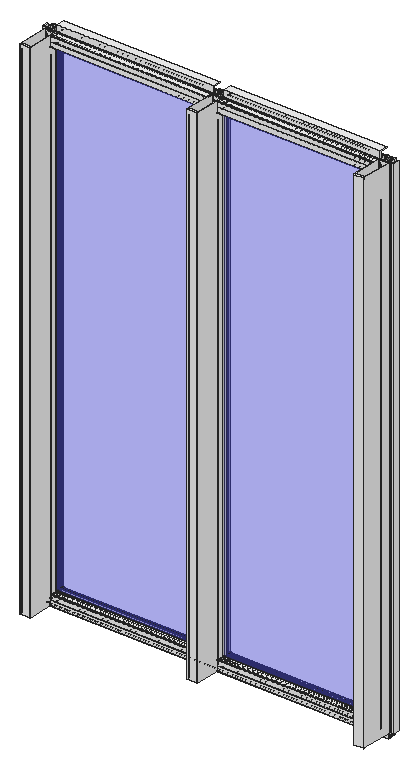
Revit family "Facade_60_Curtain_Wall_E21_Custom", category Windows, host Wall, Revit 2014 (continued)
Definition of nested family "F60 Vertical Profile Middle_E21_Cust"
  Forms (mm)
    Extrusion 3, solid, material <- "Thermal Break Material", visible <- "Single Glazing"
      sketch origin (0, 0, 0) x (1, 0, 0) y (0, 1, 0)
        loop
          line (28.649, 2.261) -> (27.647, 0.19) -> (27.647, -9.511) -> (25.749, -9.511)
          arc (25.749, -9.511) -> (25.396, -9.657) -> (25.249, -10.011) r 0.5
          line (25.249, -10.011) -> (25.249, -13.511)
          arc (25.249, -13.511) -> (25.396, -13.864) -> (25.749, -14.011) r 0.5
        loop
          line (28.504, -10.005) -> (28.504, -10.861)
          arc (28.504, -10.861) -> (28.651, -11.214) -> (29.004, -11.361) r 0.5
          line (29.004, -11.361) -> (30.994, -11.361)
          arc (30.994, -11.361) -> (31.348, -11.214) -> (31.494, -10.861) r 0.5
          line (31.494, -10.861) -> (31.494, -10.005) -> (30.708, -9.219)
          arc (30.708, -9.219) -> (30.383, -9.001) -> (29.999, -8.924) r 1.007
          arc (29.999, -8.924) -> (29.616, -8.999) -> (29.292, -9.217) r 0.986
          line (29.292, -9.217) -> (28.504, -10.005)
        loop
          arc (30.896, 1.935) -> (29.887, 2.44) -> (29.005, 1.735) r 1.047
          line (29.005, 1.735) -> (28.347, 0.374) -> (28.347, -6.993)
          arc (28.347, -6.993) -> (28.583, -7.417) -> (29.068, -7.441) r 0.5
          arc (29.068, -7.441) -> (29.999, -7.223) -> (30.93, -7.441) r 2.099
          arc (30.93, -7.441) -> (31.416, -7.417) -> (31.652, -6.993) r 0.5
          line (31.652, -6.993) -> (31.652, 0.374) -> (30.896, 1.935)
      from 0 to 250 <- "Length"
    Extrusion 4, solid, material <- "Profile Material", visible <- "Single Glazing"
      sketch origin (0, 0, 0) x (1, 0, 0) y (0, 1, 0)
        loop
          line (52.693, -14.011) -> (32.327, -14.011) -> (31.519, -12.611) -> (28.481, -12.611) -> (27.673, -14.011) -> (7.307, -14.011) -> (7.307, -15.011) -> (8.457, -15.011) -> (8.457, -16.261) -> (2.957, -16.261) -> (2.957, -15.011) -> (4.107, -15.011) -> (4.107, -14.011) -> (1.707, -14.011)
          arc (1.707, -14.011) -> (1.199, -14.293) -> (1.168, -14.873) r 0.6
          line (1.168, -14.873) -> (2.093, -16.772) -> (1.015, -17.298) -> (1.484, -18.261) -> (11.488, -18.261)
          arc (11.488, -18.261) -> (11.913, -18.085) -> (12.088, -17.661) r 0.6
          line (12.088, -17.661) -> (12.088, -16.811) -> (47.912, -16.811) -> (47.912, -17.661)
          arc (47.912, -17.661) -> (48.088, -18.085) -> (48.512, -18.261) r 0.6
          line (48.512, -18.261) -> (58.518, -18.261) -> (58.987, -17.298) -> (57.908, -16.772) -> (58.834, -14.874)
          arc (58.834, -14.874) -> (58.802, -14.293) -> (58.293, -14.011) r 0.6
          line (58.293, -14.011) -> (55.893, -14.011) -> (55.893, -15.011) -> (57.043, -15.011) -> (57.043, -16.261) -> (51.543, -16.261) -> (51.543, -15.011) -> (52.693, -15.011) -> (52.693, -14.011)
      from 0 to 250 <- "Length"
    Extrusion 5, solid, material <- "Profile Material", visible <- "Single Glazing"
      sketch origin (0, 0, 0) x (1, 0, 0) y (0, 1, 0)
        loop
          line (2.801, -18.261) -> (1.484, -18.261) -> (1.015, -17.298) -> (2.093, -16.772) -> (0.779, -14.076)
          arc (0.779, -14.076) -> (0.239, -14.21) -> (0.001, -14.713) r 0.65
          line (0.001, -14.713) -> (0.001, -28.068)
          arc (0.001, -28.068) -> (1.172, -30.897) -> (4.001, -32.068) r 4
          line (4.001, -32.068) -> (30.001, -32.068) -> (56.001, -32.068)
          arc (56.001, -32.068) -> (58.829, -30.897) -> (60.001, -28.068) r 4
          line (60.001, -28.068) -> (60.001, -14.713)
          arc (60.001, -14.713) -> (59.763, -14.21) -> (59.223, -14.076) r 0.65
          line (59.223, -14.076) -> (57.908, -16.772) -> (58.987, -17.298) -> (58.518, -18.261) -> (57.201, -18.261)
          arc (57.201, -18.261) -> (56.83, -18.425) -> (56.703, -18.811) r 0.5
          arc (56.703, -18.811) -> (56.83, -19.196) -> (57.201, -19.361) r 0.5
          line (57.201, -19.361) -> (58.951, -19.361) -> (58.951, -27.968)
          arc (58.951, -27.968) -> (58.131, -29.948) -> (56.151, -30.768) r 2.8
          line (56.151, -30.768) -> (30.001, -30.768) -> (3.851, -30.768)
          arc (3.851, -30.768) -> (1.871, -29.948) -> (1.051, -27.968) r 2.8
          line (1.051, -27.968) -> (1.051, -19.361) -> (2.801, -19.361)
          arc (2.801, -19.361) -> (3.172, -19.196) -> (3.298, -18.811) r 0.5
          arc (3.298, -18.811) -> (3.172, -18.425) -> (2.801, -18.261) r 0.5
      from 0 to 250 <- "Length"
    Extrusion 6, solid, material <- "Profile Material", visible <- "100mm Mullion"
      sketch origin (0, 0, 0) x (1, 0, 0) y (0, 1, 0)
        loop
          line (14.02, 13) -> (45.98, 13)
          arc (45.98, 13) -> (46.539, 12.842) -> (46.917, 12.4) r 1
          arc (46.917, 12.4) -> (47.285, 11.963) -> (47.833, 11.8) r 1
          line (47.833, 11.8) -> (58.15, 11.8) -> (58.15, 96.3) -> (47.833, 96.3)
          arc (47.833, 96.3) -> (47.285, 96.137) -> (46.917, 95.7) r 1
          arc (46.917, 95.7) -> (46.548, 95.263) -> (46, 95.1) r 1
          line (46, 95.1) -> (14, 95.1)
          arc (14, 95.1) -> (13.452, 95.263) -> (13.083, 95.7) r 1
          arc (13.083, 95.7) -> (12.715, 96.137) -> (12.167, 96.3) r 1
          line (12.167, 96.3) -> (1.85, 96.3) -> (1.85, 11.8) -> (12.167, 11.8)
          arc (12.167, 11.8) -> (12.715, 11.963) -> (13.083, 12.4) r 1
          arc (13.083, 12.4) -> (13.461, 12.842) -> (14.02, 13) r 1
        loop
          line (1.65, 9.856) -> (58.35, 9.856) -> (58.35, 5.2) -> (60, 5.2) -> (60, 98.8)
          arc (60, 98.8) -> (59.707, 99.507) -> (59, 99.8) r 1
          line (59, 99.8) -> (1, 99.8)
          arc (1, 99.8) -> (0.293, 99.507) -> (0, 98.8) r 1
          line (0, 98.8) -> (0, 5.2) -> (1.65, 5.2) -> (1.65, 9.856)
      from 0 to 250 <- "Length"
    Extrusion 7, solid, material <- "Profile Material", visible <- "160mm Mullion"
      sketch origin (0, 0, 0) x (1, 0, 0) y (0, 1, 0)
        loop
          arc (2.35, 15.6) -> (2.526, 15.176) -> (2.95, 15) r 0.6
          line (2.95, 15) -> (57.05, 15)
          arc (57.05, 15) -> (57.474, 15.176) -> (57.65, 15.6) r 0.6
          line (57.65, 15.6) -> (57.65, 153.7)
          arc (57.65, 153.7) -> (57.474, 154.124) -> (57.05, 154.3) r 0.6
          line (57.05, 154.3) -> (47.833, 154.3)
          arc (47.833, 154.3) -> (47.285, 154.137) -> (46.917, 153.7) r 1
          arc (46.917, 153.7) -> (46.548, 153.263) -> (46, 153.1) r 1
          line (46, 153.1) -> (14, 153.1)
          arc (14, 153.1) -> (13.452, 153.263) -> (13.083, 153.7) r 1
          arc (13.083, 153.7) -> (12.715, 154.137) -> (12.167, 154.3) r 1
          line (12.167, 154.3) -> (2.95, 154.3)
          arc (2.95, 154.3) -> (2.526, 154.124) -> (2.35, 153.7) r 0.6
          line (2.35, 153.7) -> (2.35, 15.6)
        loop
          arc (1, 159.8) -> (0.293, 159.507) -> (0, 158.8) r 1
          line (0, 158.8) -> (0, 5.2) -> (1.65, 5.2) -> (1.65, 10.013) -> (58.35, 10.013) -> (58.35, 5.2) -> (60, 5.2) -> (60, 158.8)
          arc (60, 158.8) -> (59.707, 159.507) -> (59, 159.8) r 1
          line (59, 159.8) -> (1, 159.8)
      from 0 to 250 <- "Length"
    Extrusion 8, solid, material <- "Profile Material", visible <- "190mm Mullion"
      sketch origin (0, 0, 0) x (1, 0, 0) y (0, 1, 0)
        loop
          line (57.25, 15.1) -> (57.25, 178.3)
          arc (57.25, 178.3) -> (56.957, 179.007) -> (56.25, 179.3) r 1
          line (56.25, 179.3) -> (3.75, 179.3)
          arc (3.75, 179.3) -> (3.043, 179.007) -> (2.75, 178.3) r 1
          line (2.75, 178.3) -> (2.75, 15.1)
          arc (2.75, 15.1) -> (2.984, 14.534) -> (3.55, 14.3) r 0.8
          line (3.55, 14.3) -> (56.45, 14.3)
          arc (56.45, 14.3) -> (57.016, 14.534) -> (57.25, 15.1) r 0.8
        loop
          line (60, 5.2) -> (60, 188.8)
          arc (60, 188.8) -> (59.707, 189.507) -> (59, 189.8) r 1
          line (59, 189.8) -> (1, 189.8)
          arc (1, 189.8) -> (0.293, 189.507) -> (0, 188.8) r 1
          line (0, 188.8) -> (0, 5.2) -> (1.65, 5.2) -> (1.65, 9.856) -> (58.35, 9.856) -> (58.35, 5.2) -> (60, 5.2)
      from 0 to 250 <- "Length"
    Extrusion 9, solid, material <- "Thermal Break Material", visible <- "Double Glazing"
      sketch origin (0, 0, 0) x (1, 0, 0) y (0, 1, 0)
        loop
          line (27.672, -28) -> (28.48, -26.6) -> (31.518, -26.6) -> (32.326, -28) -> (34.249, -28)
          arc (34.249, -28) -> (34.603, -27.854) -> (34.749, -27.5) r 0.5
          line (34.749, -27.5) -> (34.749, -10)
          arc (34.749, -10) -> (34.603, -9.646) -> (34.249, -9.5) r 0.5
          line (34.249, -9.5) -> (32.352, -9.5) -> (32.352, 0.198) -> (31.348, 2.272)
          arc (31.348, 2.272) -> (29.998, 2.997) -> (28.648, 2.272) r 1.62
          line (28.648, 2.272) -> (27.645, 0.201) -> (27.645, -9.5) -> (25.749, -9.5)
          arc (25.749, -9.5) -> (25.396, -9.646) -> (25.249, -10) r 0.5
          line (25.249, -10) -> (25.249, -27.5)
          arc (25.249, -27.5) -> (25.396, -27.854) -> (25.749, -28) r 0.5
          line (25.749, -28) -> (27.672, -28)
        loop
          arc (30.706, -9.206) -> (30.382, -8.99) -> (29.999, -8.913) r 1.007
          arc (29.999, -8.913) -> (29.616, -8.988) -> (29.292, -9.206) r 0.986
          line (29.292, -9.206) -> (27.142, -11.356)
          arc (27.142, -11.356) -> (26.926, -11.68) -> (26.849, -12.063) r 1
          line (26.849, -12.063) -> (26.849, -24)
          arc (26.849, -24) -> (27.142, -24.707) -> (27.849, -25) r 1
          line (27.849, -25) -> (32.149, -25)
          arc (32.149, -25) -> (32.856, -24.707) -> (33.149, -24) r 1
          line (33.149, -24) -> (33.149, -12.063)
          arc (33.149, -12.063) -> (33.073, -11.68) -> (32.856, -11.356) r 1
          line (32.856, -11.356) -> (30.706, -9.206)
        loop
          arc (28.345, -6.982) -> (28.581, -7.407) -> (29.067, -7.43) r 0.5
          arc (29.067, -7.43) -> (29.998, -7.213) -> (30.929, -7.43) r 2.099
          arc (30.929, -7.43) -> (31.414, -7.407) -> (31.651, -6.982) r 0.5
          line (31.651, -6.982) -> (31.651, 0.385) -> (30.895, 1.946)
          arc (30.895, 1.946) -> (29.885, 2.45) -> (29.004, 1.745) r 1.047
          line (29.004, 1.745) -> (28.345, 0.385) -> (28.345, -6.982)
      from 0 to 250 <- "Length"
    Extrusion 10, solid, material <- "Profile Material", visible <- "Double Glazing"
      sketch origin (0, 0, 0) x (1, 0, 0) y (0, 1, 0)
        loop
          line (52.692, -28) -> (32.327, -28) -> (31.518, -26.6) -> (28.48, -26.6) -> (27.672, -28) -> (7.306, -28) -> (7.306, -29) -> (8.456, -29) -> (8.456, -30.25) -> (2.956, -30.25) -> (2.956, -29) -> (4.106, -29) -> (4.106, -28) -> (1.706, -28)
          arc (1.706, -28) -> (1.198, -28.282) -> (1.167, -28.863) r 0.6
          line (1.167, -28.863) -> (2.093, -30.762) -> (1.014, -31.288) -> (1.483, -32.25) -> (11.488, -32.25)
          arc (11.488, -32.25) -> (11.912, -32.074) -> (12.088, -31.65) r 0.6
          line (12.088, -31.65) -> (12.088, -30.8) -> (47.911, -30.8) -> (47.911, -31.65)
          arc (47.911, -31.65) -> (48.087, -32.074) -> (48.511, -32.25) r 0.6
          line (48.511, -32.25) -> (58.517, -32.25) -> (58.986, -31.288) -> (57.907, -30.762) -> (58.833, -28.864)
          arc (58.833, -28.864) -> (58.801, -28.282) -> (58.292, -28) r 0.6
          line (58.292, -28) -> (55.892, -28) -> (55.892, -29) -> (57.042, -29) -> (57.042, -30.25) -> (51.542, -30.25) -> (51.542, -29) -> (52.692, -29) -> (52.692, -28)
      from 0 to 250 <- "Length"
    Extrusion 11, solid, material <- "Profile Material", visible <- "Double Glazing"
      sketch origin (0, 0, 0) x (1, 0, 0) y (0, 1, 0)
        loop
          line (2.8, -32.25) -> (1.483, -32.25) -> (1.014, -31.288) -> (2.093, -30.762) -> (0.778, -28.065)
          arc (0.778, -28.065) -> (0.238, -28.2) -> (0, -28.702) r 0.65
          line (0, -28.702) -> (0, -42.058)
          arc (0, -42.058) -> (1.172, -44.886) -> (4, -46.058) r 4
          line (4, -46.058) -> (30, -46.058) -> (56, -46.058)
          arc (56, -46.058) -> (58.828, -44.886) -> (60, -42.058) r 4
          line (60, -42.058) -> (60, -28.702)
          arc (60, -28.702) -> (59.762, -28.2) -> (59.222, -28.065) r 0.65
          line (59.222, -28.065) -> (57.907, -30.762) -> (58.986, -31.288) -> (58.517, -32.25) -> (57.2, -32.25)
          arc (57.2, -32.25) -> (56.829, -32.415) -> (56.703, -32.8) r 0.5
          arc (56.703, -32.8) -> (56.829, -33.185) -> (57.2, -33.35) r 0.5
          line (57.2, -33.35) -> (58.95, -33.35) -> (58.95, -41.958)
          arc (58.95, -41.958) -> (58.13, -43.938) -> (56.15, -44.758) r 2.8
          line (56.15, -44.758) -> (30, -44.758) -> (3.85, -44.758)
          arc (3.85, -44.758) -> (1.87, -43.938) -> (1.05, -41.958) r 2.8
          line (1.05, -41.958) -> (1.05, -33.35) -> (2.8, -33.35)
          arc (2.8, -33.35) -> (3.171, -33.185) -> (3.297, -32.8) r 0.5
          arc (3.297, -32.8) -> (3.171, -32.415) -> (2.8, -32.25) r 0.5
      from 0 to 250 <- "Length"
    Extrusion 12, solid, material <- "Profile Material", visible <- "Double Glazing"
      sketch origin (0, 0, 0) x (1, 0, 0) y (0, 1, 0)
        loop
          line (12, -7.775) -> (0, -7.775) -> (0, -25.775) -> (12, -25.775) -> (12, -7.775)
        loop
          line (10.8, -8.975) -> (1.2, -8.975) -> (1.2, -24.575) -> (10.8, -24.575) -> (10.8, -8.975)
      from 0 to 250 <- "Length"
  Lines and regions (mm)
    model lines, style "GenericModelHiddenLines", visible <- "Half 100mm Expansion Break"
      curve 1: line (60, 5.2, 125) -> (60, 95.2, 125)
      curve 2: line (60, 99.8, 125) -> (0, 99.8, 125)
      curve 8: line (0, 5.2, 125) -> (0, 95.2, 125)
    model lines, style "GenericModelHiddenLines", visible <- "Quarter 100mm Expansion Break"
      curve 3: line (60, 5.2, 187.5) -> (60, 95.2, 187.5)
      curve 4: line (60, 5.2, 62.5) -> (60, 95.2, 62.5)
      curve 5: line (60, 99.8, 62.5) -> (0, 99.8, 62.5)
      curve 6: line (60, 99.8, 187.5) -> (0, 99.8, 187.5)
      curve 7: line (0, 5.2, 187.5) -> (0, 95.2, 187.5)
      curve 9: line (0, 5.2, 62.5) -> (0, 95.2, 62.5)
    model lines, style "GenericModelHiddenLines", visible <- "Half SG Expansion Break"
      curve 10: line (4.107, -32.068, 125) -> (55.893, -32.068, 125)
      curve 14: line (60.001, -14.011, 125) -> (60.001, -32.068, 125)
    model lines, style "GenericModelHiddenLines", visible <- "Quarter SG Expansion Break"
      curve 11: line (4.107, -32.068, 187.5) -> (56.703, -32.068, 187.5)
      curve 12: line (4.107, -32.068, 62.5) -> (56.703, -32.068, 62.5)
      curve 13: line (60.001, -14.011, 187.5) -> (60.001, -32.068, 187.5)
      curve 15: line (60.001, -14.011, 62.5) -> (60.001, -32.068, 62.5)
    model lines, style "GenericModelHiddenLines", visible <- "Quarter 160mm Expansion Break"
      curve 16: line (0, 5.2, 187.5) -> (0, 155.2, 187.5)
      curve 18: line (0, 5.2, 62.5) -> (0, 155.2, 62.5)
      curve 19: line (0, 159.8, 187.5) -> (60, 159.8, 187.5)
      curve 21: line (0, 159.8, 62.5) -> (60, 159.8, 62.5)
      curve 22: line (60, 5.2, 187.5) -> (60, 155.2, 187.5)
      curve 24: line (60, 5.2, 62.5) -> (60, 155.2, 62.5)
    model lines, style "GenericModelHiddenLines", visible <- "Half 160mm Expansion Break"
      curve 17: line (0, 5.2, 125) -> (0, 155.2, 125)
      curve 20: line (0, 159.8, 125) -> (60, 159.8, 125)
      curve 23: line (60, 5.2, 125) -> (60, 155.2, 125)
    model lines, style "GenericModelHiddenLines", visible <- "Quarter 190mm Expansion Break"
      curve 25: line (0, 5.2, 187.5) -> (0, 185.2, 187.5)
      curve 27: line (0, 5.2, 62.5) -> (0, 185.2, 62.5)
      curve 28: line (0.779, 189.8, 187.5) -> (59.222, 189.8, 187.5)
      curve 30: line (0.779, 189.8, 62.5) -> (59.222, 189.8, 62.5)
      curve 31: line (60, 5.2, 187.5) -> (60, 185.2, 187.5)
      curve 33: line (60, 5.2, 62.5) -> (60, 185.2, 62.5)
    model lines, style "GenericModelHiddenLines", visible <- "Half 190mm Expansion Joint"
      curve 26: line (0, 5.2, 125) -> (0, 185.2, 125)
      curve 29: line (0.779, 189.8, 125) -> (59.222, 189.8, 125)
      curve 32: line (60, 5.2, 125) -> (60, 185.2, 125)
    model lines, style "GenericModelHiddenLines", visible <- "Quarter DG Expansion Break"
      curve 34: line (60, -28.065, 187.5) -> (60, -46.074, 187.5)
      curve 36: line (60, -28.065, 62.5) -> (60, -46.027, 62.5)
      curve 37: line (59.222, -46.058, 187.5) -> (0.779, -46.058, 187.5)
      curve 39: line (59.222, -46.058, 62.5) -> (0.779, -46.058, 62.5)
    model lines, style "GenericModelHiddenLines", visible <- "Half DG Expansion Break"
      curve 35: line (60, -28.065, 125) -> (60, -46.074, 125)
      curve 38: line (59.222, -46.058, 125) -> (0.779, -46.058, 125)
  Dimensions and locks
    "Half Length": curve 1 to level
    "Half Length": level to curve 2
    "Quarter Length": curve 4 to level
    "Quarter Length": Extrusion 8 to curve 3
    "Quarter Length": level to curve 5
    "Quarter Length": curve 6 to Extrusion 6
    "Quarter Length": curve 9 to level
    "Half Length": curve 8 to level
    "Quarter Length": Extrusion 8 to curve 7
    "Quarter Length": curve 12 to level
    "Half Length": curve 10 to level
    "Quarter Length": Extrusion 5 to curve 11
    "Quarter Length": curve 15 to level
    "Half Length": curve 14 to level
    "Quarter Length": Extrusion 5 to curve 13
    "Quarter Length": Extrusion 7 to curve 18
    "Half Length": Extrusion 7 to curve 17
    "Quarter Length": Extrusion 7 to curve 16
    "Quarter Length": Extrusion 7 to curve 21
    "Quarter Length": curve 19 to Extrusion 7
    "Half Length": Extrusion 7 to curve 20
    "Quarter Length": Extrusion 7 to curve 24
    "Quarter Length": Extrusion 7 to curve 22
    "Half Length": Extrusion 7 to curve 23
    "Quarter Length": Extrusion 8 to curve 27
    "Quarter Length": Extrusion 8 to curve 25
    "Half Length": Extrusion 8 to curve 26
    "Quarter Length": Extrusion 8 to curve 30
    "Quarter Length": curve 28 to Extrusion 8
    "Half Length": Extrusion 8 to curve 29
    "Quarter Length": Extrusion 8 to curve 33
    "Quarter Length": Extrusion 8 to curve 31
    "Half Length": Extrusion 8 to curve 32
    "Quarter Length": Extrusion 11 to curve 36
    "Quarter Length": Extrusion 11 to curve 34
    "Half Length": Extrusion 11 to curve 35
    "Quarter Length": Extrusion 11 to curve 37
    "Quarter Length": curve 39 to Extrusion 11
    "Half Length": curve 38 to Extrusion 11
    aligned and locked: level to plane 2
  Automatic sketch dimensions
    Extrusion 1 sketch curve to plane 3 "Center (Left/Right)" = 0 mm
    plane 1 "Center (Front/Back)" to Extrusion 1 sketch curve = 0 mm  (x4)
    plane 3 "Center (Left/Right)" to Extrusion 1 sketch curve = 0.5 mm
    Extrusion 1 sketch curve to Extrusion 1 sketch curve = 0.7 mm  (x2)
    Extrusion 1 sketch curve to Extrusion 1 sketch curve = 1.15 mm  (x4)
    Extrusion 1 sketch curve to Extrusion 1 sketch curve = 3.2 mm  (x2)
    Extrusion 1 sketch curve to Extrusion 1 sketch curve = 0.9 mm
    Extrusion 1 sketch curve to Extrusion 1 sketch curve = 0.25 mm
    Extrusion 1 sketch curve to Extrusion 1 sketch curve = 0.8 mm  (x7)
    Extrusion 1 sketch curve to Extrusion 1 sketch curve = 1.45 mm  (x2)
    Extrusion 1 sketch curve to Extrusion 1 sketch curve = 0.65 mm  (x3)
    Extrusion 1 sketch curve to Extrusion 1 sketch curve = 0.95 mm  (x3)
    Extrusion 1 sketch curve to Extrusion 1 sketch curve = 0.6 mm  (x3)
    Extrusion 1 sketch curve to plane 1 "Center (Front/Back)" = 7 mm
    Extrusion 1 sketch curve to Extrusion 1 sketch curve = 14.999 mm  (x2)
    plane 1 "Center (Front/Back)" to Extrusion 1 sketch curve = 8.7 mm
    Extrusion 1 sketch curve to Extrusion 1 sketch curve = 1.85 mm
    Extrusion 1 sketch curve to Extrusion 1 sketch curve = 2.9 mm
    Extrusion 1 sketch curve to Extrusion 1 sketch curve = 5.802 mm
    Extrusion 1 sketch curve to Extrusion 1 sketch curve = 1.049 mm
    Extrusion 1 sketch curve to plane 1 "Center (Front/Back)" = 4.55 mm
    Extrusion 1 sketch curve to plane 1 "Center (Front/Back)" = 0.5 mm  (x3)
    Extrusion 1 sketch curve to Extrusion 1 sketch curve = 1.2 mm
    Extrusion 1 sketch curve to plane 1 "Center (Front/Back)" = 1.15 mm  (x2)
    Extrusion 1 sketch curve to Extrusion 1 sketch curve = 0 mm
    Extrusion 1 sketch curve to Extrusion 1 sketch curve = 1.3 mm  (x2)
    Extrusion 1 sketch curve to Extrusion 1 sketch curve = 0.05 mm  (x2)
    Extrusion 1 sketch curve to Extrusion 1 sketch curve = 0.85 mm  (x2)
    Extrusion 1 sketch curve to plane 1 "Center (Front/Back)" = 6.2 mm
    Extrusion 2 sketch curve to plane 3 "Center (Left/Right)" = 0 mm
    plane 3 "Center (Left/Right)" to Extrusion 2 sketch curve = 1.75 mm
    Extrusion 2 sketch curve to Extrusion 2 sketch curve = 4.6 mm  (x4)
    Extrusion 2 sketch curve to Extrusion 2 sketch curve = 0.6 mm  (x2)
    Extrusion 2 sketch curve to plane 1 "Center (Front/Back)" = 9.8 mm
    Extrusion 2 sketch curve to Extrusion 2 sketch curve = 23.05 mm  (x2)
    Extrusion 2 sketch curve to Extrusion 2 sketch curve = 0 mm
    Extrusion 2 sketch curve to plane 1 "Center (Front/Back)" = 8.456 mm
    Extrusion 2 sketch curve to Extrusion 2 sketch curve = 1.75 mm
    Extrusion 2 sketch curve to plane 1 "Center (Front/Back)" = 3.9 mm  (x2)
    plane 3 "Center (Left/Right)" to Extrusion 3 sketch curve = 25.249 mm
    Extrusion 3 sketch curve to Extrusion 3 sketch curve = 0.5 mm  (x6)
    Extrusion 3 sketch curve to plane 1 "Center (Front/Back)" = 0.19 mm  (x2)
    Extrusion 3 sketch curve to Extrusion 3 sketch curve = 1.897 mm  (x2)
    Extrusion 3 sketch curve to Extrusion 3 sketch curve = 1.922 mm  (x2)
    Extrusion 3 sketch curve to plane 1 "Center (Front/Back)" = 0.374 mm  (x2)
    Extrusion 3 sketch curve to Extrusion 3 sketch curve = 0.7 mm  (x2)
    plane 1 "Center (Front/Back)" to Extrusion 3 sketch curve = 12.611 mm
    Extrusion 3 sketch curve to Extrusion 3 sketch curve = 0.809 mm
    Extrusion 3 sketch curve to Extrusion 3 sketch curve = 0.858 mm
    Extrusion 3 sketch curve to plane 1 "Center (Front/Back)" = 2.261 mm  (x2)
    Extrusion 3 sketch curve to Extrusion 3 sketch curve = 0.303 mm
    Extrusion 3 sketch curve to plane 1 "Center (Front/Back)" = 1.735 mm
    Extrusion 3 sketch curve to Extrusion 3 sketch curve = 0.356 mm
    plane 1 "Center (Front/Back)" to Extrusion 3 sketch curve = 9.217 mm
    Extrusion 3 sketch curve to Extrusion 3 sketch curve = 0.788 mm
    Extrusion 3 sketch curve to Extrusion 3 sketch curve = 0.701 mm
    Extrusion 3 sketch curve to Extrusion 3 sketch curve = 0.003 mm
    Extrusion 3 sketch curve to Extrusion 3 sketch curve = 0.992 mm
    Extrusion 3 sketch curve to Extrusion 3 sketch curve = 0.006 mm
    Extrusion 3 sketch curve to Extrusion 3 sketch curve = 0.002 mm
    plane 1 "Center (Front/Back)" to Extrusion 3 sketch curve = 9.219 mm
    Extrusion 3 sketch curve to Extrusion 3 sketch curve = 0.709 mm
    Extrusion 3 sketch curve to plane 1 "Center (Front/Back)" = 1.935 mm
    Extrusion 3 sketch curve to Extrusion 3 sketch curve = 0.899 mm
    Extrusion 3 sketch curve to Extrusion 3 sketch curve = 0.998 mm
    Extrusion 3 sketch curve to Extrusion 3 sketch curve = 0.444 mm
    Extrusion 3 sketch curve to Extrusion 3 sketch curve = 0.524 mm
    Extrusion 3 sketch curve to Extrusion 3 sketch curve = 0.756 mm
    Extrusion 3 sketch curve to Extrusion 3 sketch curve = 0.808 mm
    Extrusion 3 sketch curve to Extrusion 3 sketch curve = 0.9 mm  (x2)
    Extrusion 3 sketch curve to Extrusion 3 sketch curve = 1.25 mm
    Extrusion 3 sketch curve to Extrusion 3 sketch curve = 0.85 mm  (x2)
    Extrusion 3 sketch curve to Extrusion 3 sketch curve = 0.856 mm  (x2)
    Extrusion 3 sketch curve to Extrusion 3 sketch curve = 0.714 mm
    Extrusion 3 sketch curve to Extrusion 3 sketch curve = 0.02 mm
    Extrusion 3 sketch curve to Extrusion 3 sketch curve = 0.399 mm
    Extrusion 3 sketch curve to Extrusion 3 sketch curve = 2.224 mm
    Extrusion 3 sketch curve to Extrusion 3 sketch curve = 0.448 mm
    Extrusion 3 sketch curve to Extrusion 3 sketch curve = 0.032 mm
    Extrusion 3 sketch curve to Extrusion 3 sketch curve = 0 mm
    plane 3 "Center (Left/Right)" to Extrusion 4 sketch curve = 1.015 mm
    Extrusion 4 sketch curve to Extrusion 4 sketch curve = 0.469 mm
    plane 3 "Center (Left/Right)" to Extrusion 4 sketch curve = 1.707 mm
    Extrusion 4 sketch curve to Extrusion 4 sketch curve = 1.079 mm
    Extrusion 4 sketch curve to Extrusion 4 sketch curve = 0.864 mm
    Extrusion 4 sketch curve to Extrusion 4 sketch curve = 1.15 mm  (x4)
    Extrusion 4 sketch curve to Extrusion 4 sketch curve = 3.2 mm  (x2)
    Extrusion 4 sketch curve to Extrusion 4 sketch curve = 3.031 mm  (x2)
    Extrusion 4 sketch curve to Extrusion 4 sketch curve = 0.6 mm  (x3)
    Extrusion 4 sketch curve to Extrusion 4 sketch curve = 15.584 mm  (x2)
    plane 1 "Center (Front/Back)" to Extrusion 4 sketch curve = 12.611 mm
    Extrusion 4 sketch curve to Extrusion 4 sketch curve = 0.808 mm  (x2)
    Extrusion 4 sketch curve to Extrusion 4 sketch curve = 3.038 mm
    plane 1 "Center (Front/Back)" to Extrusion 4 sketch curve = 14.011 mm
    plane 1 "Center (Front/Back)" to Extrusion 4 sketch curve = 16.772 mm
    Extrusion 4 sketch curve to Extrusion 4 sketch curve = 0.865 mm
    Extrusion 4 sketch curve to Extrusion 4 sketch curve = 1.25 mm  (x4)
    plane 1 "Center (Front/Back)" to Extrusion 4 sketch curve = 18.261 mm
    Extrusion 4 sketch curve to Extrusion 4 sketch curve = 0.61 mm
    plane 1 "Center (Front/Back)" to Extrusion 4 sketch curve = 17.298 mm
    Extrusion 4 sketch curve to Extrusion 4 sketch curve = 5.65 mm
    Extrusion 4 sketch curve to Extrusion 4 sketch curve = 0.962 mm
    Extrusion 4 sketch curve to Extrusion 4 sketch curve = 0.85 mm
    Extrusion 4 sketch curve to Extrusion 4 sketch curve = 0.512 mm  (x2)
    Extrusion 4 sketch curve to Extrusion 4 sketch curve = 1 mm  (x2)
    Extrusion 4 sketch curve to Extrusion 4 sketch curve = 0.4 mm  (x2)
    Extrusion 4 sketch curve to Extrusion 4 sketch curve = 1.4 mm
    Extrusion 4 sketch curve to Extrusion 4 sketch curve = 0.539 mm  (x2)
    Extrusion 4 sketch curve to Extrusion 4 sketch curve = 0 mm
    plane 1 "Center (Front/Back)" to Extrusion 4 sketch curve = 14.874 mm
    plane 3 "Center (Left/Right)" to Extrusion 5 sketch curve = 0.001 mm
    Extrusion 5 sketch curve to Extrusion 5 sketch curve = 0.65 mm  (x2)
    Extrusion 5 sketch curve to Extrusion 5 sketch curve = 0.128 mm  (x2)
    plane 3 "Center (Left/Right)" to Extrusion 5 sketch curve = 1.015 mm
    plane 3 "Center (Left/Right)" to Extrusion 5 sketch curve = 1.051 mm
    Extrusion 5 sketch curve to Extrusion 5 sketch curve = 0.469 mm  (x2)
    Extrusion 5 sketch curve to Extrusion 5 sketch curve = 1.079 mm
    Extrusion 5 sketch curve to Extrusion 5 sketch curve = 1.317 mm  (x2)
    Extrusion 5 sketch curve to Extrusion 5 sketch curve = 0 mm  (x3)
    plane 3 "Center (Left/Right)" to Extrusion 5 sketch curve = 3.851 mm
    Extrusion 5 sketch curve to Extrusion 5 sketch curve = 0.15 mm  (x2)
    Extrusion 5 sketch curve to Extrusion 5 sketch curve = 26 mm  (x2)
    Extrusion 5 sketch curve to Extrusion 5 sketch curve = 1.05 mm
    plane 1 "Center (Front/Back)" to Extrusion 5 sketch curve = 16.772 mm
    Extrusion 5 sketch curve to Extrusion 5 sketch curve = 0.707 mm
    Extrusion 5 sketch curve to Extrusion 5 sketch curve = 0.433 mm
    plane 1 "Center (Front/Back)" to Extrusion 5 sketch curve = 17.298 mm
    plane 1 "Center (Front/Back)" to Extrusion 5 sketch curve = 14.076 mm
    Extrusion 5 sketch curve to Extrusion 5 sketch curve = 0.5 mm  (x2)
    plane 1 "Center (Front/Back)" to Extrusion 5 sketch curve = 18.761 mm
    Extrusion 5 sketch curve to Extrusion 5 sketch curve = 0.1 mm  (x3)
    Extrusion 5 sketch curve to Extrusion 5 sketch curve = 1.1 mm  (x2)
    Extrusion 5 sketch curve to Extrusion 5 sketch curve = 8.608 mm
    Extrusion 5 sketch curve to Extrusion 5 sketch curve = 0.962 mm
    Extrusion 6 sketch curve to plane 3 "Center (Left/Right)" = 0 mm
    plane 3 "Center (Left/Right)" to Extrusion 6 sketch curve = 1 mm
    plane 3 "Center (Left/Right)" to Extrusion 6 sketch curve = 1.65 mm
    plane 3 "Center (Left/Right)" to Extrusion 6 sketch curve = 1.85 mm
    Extrusion 6 sketch curve to Extrusion 6 sketch curve = 10.317 mm  (x3)
    Extrusion 6 sketch curve to Extrusion 6 sketch curve = 1.833 mm  (x4)
    Extrusion 6 sketch curve to Extrusion 6 sketch curve = 0.02 mm  (x2)
    Extrusion 6 sketch curve to plane 1 "Center (Front/Back)" = 13 mm
    Extrusion 6 sketch curve to Extrusion 6 sketch curve = 31.961 mm
    Extrusion 6 sketch curve to Extrusion 6 sketch curve = 32 mm
    Extrusion 6 sketch curve to Extrusion 6 sketch curve = 0.2 mm  (x5)
    Extrusion 6 sketch curve to Extrusion 6 sketch curve = 0.85 mm
    Extrusion 6 sketch curve to Extrusion 6 sketch curve = 1.65 mm
    Extrusion 6 sketch curve to Extrusion 6 sketch curve = 1 mm  (x8)
    Extrusion 6 sketch curve to Extrusion 6 sketch curve = 1.944 mm
    Extrusion 6 sketch curve to Extrusion 6 sketch curve = 4.656 mm  (x2)
    Extrusion 6 sketch curve to Extrusion 6 sketch curve = 82.1 mm
    Extrusion 6 sketch curve to Extrusion 6 sketch curve = 2.5 mm
    Extrusion 7 sketch curve to plane 3 "Center (Left/Right)" = 0 mm
    Extrusion 7 sketch curve to Extrusion 7 sketch curve = 1 mm  (x3)
    plane 3 "Center (Left/Right)" to Extrusion 7 sketch curve = 1.65 mm
    plane 3 "Center (Left/Right)" to Extrusion 7 sketch curve = 2.35 mm
    Extrusion 7 sketch curve to Extrusion 7 sketch curve = 0.6 mm  (x3)
    Extrusion 7 sketch curve to Extrusion 7 sketch curve = 9.217 mm  (x2)
    Extrusion 7 sketch curve to Extrusion 7 sketch curve = 1.833 mm  (x2)
    Extrusion 7 sketch curve to Extrusion 7 sketch curve = 32 mm
    Extrusion 7 sketch curve to plane 1 "Center (Front/Back)" = 15 mm
    Extrusion 7 sketch curve to Extrusion 7 sketch curve = 54.1 mm
    Extrusion 7 sketch curve to Extrusion 7 sketch curve = 1.3 mm
    Extrusion 7 sketch curve to Extrusion 7 sketch curve = 1.95 mm
    Extrusion 7 sketch curve to Extrusion 7 sketch curve = 1.65 mm
    Extrusion 7 sketch curve to Extrusion 7 sketch curve = 4.987 mm
    Extrusion 7 sketch curve to Extrusion 7 sketch curve = 4.813 mm
    Extrusion 7 sketch curve to Extrusion 7 sketch curve = 4.812 mm
    Extrusion 7 sketch curve to Extrusion 7 sketch curve = 137.5 mm
    Extrusion 7 sketch curve to Extrusion 7 sketch curve = 0.2 mm  (x2)
    Extrusion 7 sketch curve to Extrusion 7 sketch curve = 0.4 mm  (x2)
    Extrusion 7 sketch curve to Extrusion 7 sketch curve = 4.5 mm
    Extrusion 8 sketch curve to plane 3 "Center (Left/Right)" = 0 mm
    Extrusion 8 sketch curve to Extrusion 8 sketch curve = 1 mm  (x3)
    plane 3 "Center (Left/Right)" to Extrusion 8 sketch curve = 1.65 mm
    plane 3 "Center (Left/Right)" to Extrusion 8 sketch curve = 2.75 mm
    Extrusion 8 sketch curve to Extrusion 8 sketch curve = 0.8 mm  (x2)
    Extrusion 8 sketch curve to Extrusion 8 sketch curve = 52.5 mm
    Extrusion 8 sketch curve to plane 1 "Center (Front/Back)" = 15.1 mm
    Extrusion 8 sketch curve to Extrusion 8 sketch curve = 52.9 mm
    Extrusion 8 sketch curve to Extrusion 8 sketch curve = 1.9 mm
    Extrusion 8 sketch curve to Extrusion 8 sketch curve = 2.75 mm
    Extrusion 8 sketch curve to Extrusion 8 sketch curve = 4.444 mm
    Extrusion 8 sketch curve to Extrusion 8 sketch curve = 4.656 mm  (x2)
    Extrusion 8 sketch curve to Extrusion 8 sketch curve = 163.2 mm
    Extrusion 8 sketch curve to Extrusion 8 sketch curve = 9.5 mm
    plane 3 "Center (Left/Right)" to Extrusion 9 sketch curve = 25.249 mm
    Extrusion 9 sketch curve to Extrusion 9 sketch curve = 0.5 mm  (x4)
    Extrusion 9 sketch curve to Extrusion 9 sketch curve = 1.1 mm
    plane 1 "Center (Front/Back)" to Extrusion 9 sketch curve = 11.356 mm  (x2)
    Extrusion 9 sketch curve to Extrusion 9 sketch curve = 0.293 mm  (x2)
    Extrusion 9 sketch curve to Extrusion 9 sketch curve = 1.896 mm
    Extrusion 9 sketch curve to Extrusion 9 sketch curve = 1.922 mm
    Extrusion 9 sketch curve to Extrusion 9 sketch curve = 1 mm  (x2)
    Extrusion 9 sketch curve to Extrusion 9 sketch curve = 0.7 mm
    Extrusion 9 sketch curve to Extrusion 9 sketch curve = 0.808 mm
    Extrusion 9 sketch curve to plane 1 "Center (Front/Back)" = 2.272 mm  (x2)
    Extrusion 9 sketch curve to Extrusion 9 sketch curve = 0.303 mm
    Extrusion 9 sketch curve to plane 1 "Center (Front/Back)" = 1.745 mm
    Extrusion 9 sketch curve to Extrusion 9 sketch curve = 0.356 mm
    plane 1 "Center (Front/Back)" to Extrusion 9 sketch curve = 9.206 mm  (x2)
    Extrusion 9 sketch curve to Extrusion 9 sketch curve = 1.647 mm
    Extrusion 9 sketch curve to Extrusion 9 sketch curve = 0.701 mm
    Extrusion 9 sketch curve to Extrusion 9 sketch curve = 0.992 mm
    Extrusion 9 sketch curve to Extrusion 9 sketch curve = 0.003 mm
    Extrusion 9 sketch curve to Extrusion 9 sketch curve = 0.002 mm
    Extrusion 9 sketch curve to Extrusion 9 sketch curve = 0.004 mm
    Extrusion 9 sketch curve to Extrusion 9 sketch curve = 0.708 mm
    Extrusion 9 sketch curve to plane 1 "Center (Front/Back)" = 1.946 mm
    Extrusion 9 sketch curve to Extrusion 9 sketch curve = 0.899 mm
    Extrusion 9 sketch curve to Extrusion 9 sketch curve = 0.444 mm
    Extrusion 9 sketch curve to Extrusion 9 sketch curve = 3.038 mm
    Extrusion 9 sketch curve to plane 1 "Center (Front/Back)" = 0.385 mm  (x2)
    Extrusion 9 sketch curve to Extrusion 9 sketch curve = 0.756 mm
    Extrusion 9 sketch curve to Extrusion 9 sketch curve = 2.153 mm
    Extrusion 9 sketch curve to Extrusion 9 sketch curve = 0.631 mm
    Extrusion 9 sketch curve to Extrusion 9 sketch curve = 0.807 mm
    Extrusion 9 sketch curve to Extrusion 9 sketch curve = 1.646 mm
    Extrusion 9 sketch curve to Extrusion 9 sketch curve = 0.707 mm
    Extrusion 9 sketch curve to Extrusion 9 sketch curve = 1.393 mm
    Extrusion 9 sketch curve to Extrusion 9 sketch curve = 1.923 mm
    Extrusion 9 sketch curve to Extrusion 9 sketch curve = 11.937 mm
    Extrusion 9 sketch curve to Extrusion 9 sketch curve = 1.6 mm
    Extrusion 9 sketch curve to Extrusion 9 sketch curve = 0.9 mm  (x2)
    Extrusion 9 sketch curve to Extrusion 9 sketch curve = 1.356 mm  (x2)
    Extrusion 9 sketch curve to Extrusion 9 sketch curve = 0.714 mm
    Extrusion 9 sketch curve to Extrusion 9 sketch curve = 0.02 mm
    Extrusion 9 sketch curve to Extrusion 9 sketch curve = 0.399 mm
    Extrusion 9 sketch curve to Extrusion 9 sketch curve = 2.224 mm
    Extrusion 9 sketch curve to Extrusion 9 sketch curve = 0.448 mm
    Extrusion 9 sketch curve to plane 1 "Center (Front/Back)" = 0.198 mm
    Extrusion 9 sketch curve to plane 1 "Center (Front/Back)" = 0.201 mm
    Extrusion 9 sketch curve to Extrusion 9 sketch curve = 0.032 mm
    Extrusion 9 sketch curve to Extrusion 9 sketch curve = 0 mm
    plane 3 "Center (Left/Right)" to Extrusion 10 sketch curve = 1.014 mm
    Extrusion 10 sketch curve to Extrusion 10 sketch curve = 0.469 mm  (x2)
    plane 3 "Center (Left/Right)" to Extrusion 10 sketch curve = 1.706 mm
    Extrusion 10 sketch curve to Extrusion 10 sketch curve = 1.079 mm
    Extrusion 10 sketch curve to Extrusion 10 sketch curve = 0.864 mm
    Extrusion 10 sketch curve to Extrusion 10 sketch curve = 1.15 mm  (x4)
    Extrusion 10 sketch curve to Extrusion 10 sketch curve = 3.2 mm  (x2)
    Extrusion 10 sketch curve to Extrusion 10 sketch curve = 3.031 mm  (x2)
    Extrusion 10 sketch curve to Extrusion 10 sketch curve = 0.6 mm  (x3)
    Extrusion 10 sketch curve to Extrusion 10 sketch curve = 15.584 mm  (x2)
    Extrusion 10 sketch curve to Extrusion 10 sketch curve = 0.808 mm  (x2)
    Extrusion 10 sketch curve to Extrusion 10 sketch curve = 3.038 mm
    Extrusion 10 sketch curve to Extrusion 10 sketch curve = 0.865 mm
    Extrusion 10 sketch curve to Extrusion 10 sketch curve = 1.25 mm  (x5)
    Extrusion 10 sketch curve to Extrusion 10 sketch curve = 0.61 mm
    plane 1 "Center (Front/Back)" to Extrusion 10 sketch curve = 31.288 mm
    Extrusion 10 sketch curve to Extrusion 10 sketch curve = 0.362 mm
    plane 1 "Center (Front/Back)" to Extrusion 10 sketch curve = 31.65 mm
    Extrusion 10 sketch curve to Extrusion 10 sketch curve = 0.962 mm
    Extrusion 10 sketch curve to Extrusion 10 sketch curve = 0.85 mm
    Extrusion 10 sketch curve to Extrusion 10 sketch curve = 0.512 mm  (x2)
    Extrusion 10 sketch curve to Extrusion 10 sketch curve = 0.4 mm  (x2)
    Extrusion 10 sketch curve to Extrusion 10 sketch curve = 1 mm
    Extrusion 10 sketch curve to Extrusion 10 sketch curve = 2.8 mm
    Extrusion 10 sketch curve to Extrusion 10 sketch curve = 0 mm  (x2)
    Extrusion 10 sketch curve to Extrusion 10 sketch curve = 1.4 mm
    Extrusion 10 sketch curve to Extrusion 10 sketch curve = 0.539 mm  (x2)
    plane 1 "Center (Front/Back)" to Extrusion 10 sketch curve = 28.864 mm
    Extrusion 11 sketch curve to plane 3 "Center (Left/Right)" = 0 mm
    plane 3 "Center (Left/Right)" to Extrusion 11 sketch curve = 0.65 mm
    Extrusion 11 sketch curve to Extrusion 11 sketch curve = 0.128 mm  (x2)
    plane 3 "Center (Left/Right)" to Extrusion 11 sketch curve = 1.014 mm
    plane 3 "Center (Left/Right)" to Extrusion 11 sketch curve = 1.05 mm
    Extrusion 11 sketch curve to Extrusion 11 sketch curve = 0.469 mm  (x2)
    Extrusion 11 sketch curve to Extrusion 11 sketch curve = 1.079 mm
    Extrusion 11 sketch curve to Extrusion 11 sketch curve = 1.317 mm  (x2)
    Extrusion 11 sketch curve to Extrusion 11 sketch curve = 0 mm  (x3)
    plane 3 "Center (Left/Right)" to Extrusion 11 sketch curve = 3.85 mm
    Extrusion 11 sketch curve to Extrusion 11 sketch curve = 0.15 mm  (x2)
    Extrusion 11 sketch curve to Extrusion 11 sketch curve = 26 mm  (x2)
    Extrusion 11 sketch curve to Extrusion 11 sketch curve = 1.05 mm
    Extrusion 11 sketch curve to Extrusion 11 sketch curve = 0.707 mm
    Extrusion 11 sketch curve to Extrusion 11 sketch curve = 0.433 mm
    plane 1 "Center (Front/Back)" to Extrusion 11 sketch curve = 31.288 mm
    plane 1 "Center (Front/Back)" to Extrusion 11 sketch curve = 28.065 mm
    Extrusion 11 sketch curve to Extrusion 11 sketch curve = 1.314 mm
    Extrusion 11 sketch curve to Extrusion 11 sketch curve = 0.65 mm
    Extrusion 11 sketch curve to Extrusion 11 sketch curve = 0.5 mm  (x2)
    plane 1 "Center (Front/Back)" to Extrusion 11 sketch curve = 32.75 mm
    Extrusion 11 sketch curve to Extrusion 11 sketch curve = 0.1 mm  (x3)
    Extrusion 11 sketch curve to Extrusion 11 sketch curve = 1.1 mm  (x2)
    Extrusion 11 sketch curve to Extrusion 11 sketch curve = 8.608 mm
    Extrusion 11 sketch curve to Extrusion 11 sketch curve = 0.962 mm
    Extrusion 12 sketch curve to plane 3 "Center (Left/Right)" = 0 mm
    plane 3 "Center (Left/Right)" to Extrusion 12 sketch curve = 1.2 mm
    Extrusion 12 sketch curve to Extrusion 12 sketch curve = 9.6 mm
    Extrusion 12 sketch curve to Extrusion 12 sketch curve = 1.2 mm  (x3)
    plane 1 "Center (Front/Back)" to Extrusion 12 sketch curve = 25.775 mm
    plane 1 "Center (Front/Back)" to Extrusion 12 sketch curve = 8.975 mm
    curve 4 to Extrusion 6 = 0 mm
    curve 3 to Extrusion 6 = 0 mm
    curve 1 to Extrusion 6 = 0 mm
    curve 4 to Extrusion 6 = 3.6 mm
    curve 3 to Extrusion 6 = 3.6 mm
    curve 1 to Extrusion 6 = 3.6 mm
    Extrusion 6 to curve 2 = 1 mm
    Extrusion 6 to curve 5 = 1 mm
    Extrusion 6 to curve 6 = 1 mm
    curve 6 to Extrusion 6 = 1 mm
    curve 5 to Extrusion 6 = 1 mm
    curve 2 to Extrusion 6 = 1 mm
    curve 9 to Extrusion 6 = 0 mm
    curve 8 to Extrusion 6 = 0 mm
    curve 7 to Extrusion 6 = 0 mm
    Extrusion 6 to curve 8 = 3.6 mm
    Extrusion 6 to curve 9 = 3.6 mm
    Extrusion 6 to curve 7 = 3.6 mm
    curve 12 to Extrusion 5 = 25.894 mm
    curve 11 to Extrusion 5 = 25.894 mm
    curve 10 to Extrusion 5 = 25.894 mm
    curve 10 to Extrusion 5 = 0.108 mm
    Extrusion 5 to curve 12 = 0.703 mm
    Extrusion 5 to curve 11 = 0.703 mm
    curve 13 to Extrusion 5 = 4 mm
    curve 14 to Extrusion 5 = 4 mm
    curve 15 to Extrusion 5 = 4 mm
    Extrusion 5 to curve 15 = 0.702 mm
    Extrusion 5 to curve 14 = 0.702 mm
    Extrusion 5 to curve 13 = 0.702 mm
    curve 18 to Extrusion 7 = 0 mm
    curve 17 to Extrusion 7 = 0 mm
    curve 16 to Extrusion 7 = 0 mm
    Extrusion 7 to curve 17 = 3.6 mm
    Extrusion 7 to curve 18 = 3.6 mm
    Extrusion 7 to curve 16 = 3.6 mm
    Extrusion 7 to curve 21 = 1 mm  (x2)
    Extrusion 7 to curve 20 = 1 mm  (x2)
    Extrusion 7 to curve 19 = 1 mm  (x2)
    curve 24 to Extrusion 7 = 0 mm
    curve 23 to Extrusion 7 = 0 mm
    curve 22 to Extrusion 7 = 0 mm
    curve 24 to Extrusion 7 = 3.6 mm
    curve 23 to Extrusion 7 = 3.6 mm
    curve 22 to Extrusion 7 = 3.6 mm
    curve 27 to Extrusion 8 = 0 mm
    curve 26 to Extrusion 8 = 0 mm
    curve 25 to Extrusion 8 = 0 mm
    Extrusion 8 to curve 26 = 3.6 mm
    Extrusion 8 to curve 27 = 3.6 mm
    Extrusion 8 to curve 25 = 3.6 mm
    Extrusion 8 to curve 30 = 0.221 mm
    Extrusion 8 to curve 29 = 0.221 mm
    Extrusion 8 to curve 28 = 0.221 mm
    curve 29 to Extrusion 8 = 0.222 mm
    curve 30 to Extrusion 8 = 0.222 mm
    curve 28 to Extrusion 8 = 0.222 mm
    curve 33 to Extrusion 8 = 0 mm
    curve 32 to Extrusion 8 = 0 mm
    curve 31 to Extrusion 8 = 0 mm
    curve 33 to Extrusion 8 = 3.6 mm
    curve 32 to Extrusion 8 = 3.6 mm
    curve 31 to Extrusion 8 = 3.6 mm
    curve 34 to Extrusion 11 = 4.016 mm
    curve 35 to Extrusion 11 = 4.016 mm
    curve 36 to Extrusion 11 = 3.97 mm
    Extrusion 11 to curve 36 = 0.637 mm
    Extrusion 11 to curve 35 = 0.637 mm
    Extrusion 11 to curve 34 = 0.637 mm
    curve 37 to Extrusion 11 = 29.221 mm
    curve 38 to Extrusion 11 = 29.221 mm
    curve 39 to Extrusion 11 = 29.221 mm
    Extrusion 11 to curve 39 = 3.222 mm
    Extrusion 11 to curve 38 = 3.222 mm
    Extrusion 11 to curve 37 = 3.222 mm
